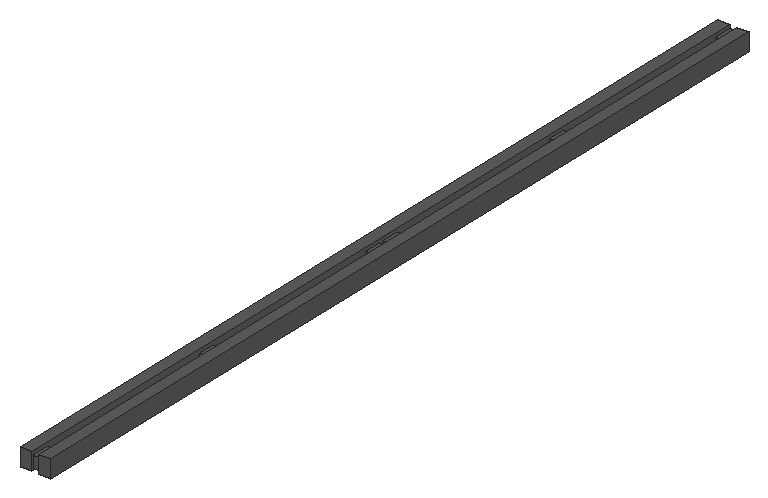
Revit family "EV_COMAIN WALER 3_1850433", category Generic Models, Revit 2018
Family settings
  Can host rebar = No
  Round Connector Dimension = Use Diameter
  Part Type = Normal
  OmniClass Number = 35.51.14.00
  OmniClass Title = FORMWORK
  Work Plane-Based = Yes
  Always vertical = No
  Cut with Voids When Loaded = No
  Shared = Yes
  Room Calculation Point = No
Parameters (values of type "EV_COMAIN WALER 3_1850433")
  VERSION = "20190101"  # constant formula
  URL = "www.ulmaconstruction.com/en"
  UNICLASS = ""
  Manufacturer = "ULMA CONSTRUCTION"  # constant formula
  ITEM_CODE = "1850433"
  FILTER [instance] = ""
  Default Elevation = 0.000 mm
  CLASSIFICATION_TITLE = ""
  CLASSIFICATION_NUMBER = ""
Reference planes
  plane 1 "Centro (Frontal/Posterior)": y = 0
  plane 2: z = 0
  plane 3 "Centro (Izquierda/Derecha)": x = 0
  plane 4 "START": y = -1500
  plane 5 "END": y = 1500
Forms (mm)
  Extrusion 1, solid, material "ULMA BLACK", detail levels fine
    sketch origin (0, 0, 0) x (1, 0, 0) y (0, 0, 1)
      loop
        line (-52.5, 0) -> (-12.5, 0) -> (-12.5, 60) -> (-52.5, 60) -> (-52.5, 0)
      loop
        line (12.5, 0) -> (52.5, 0) -> (52.5, 60) -> (12.5, 60) -> (12.5, 0)
    from -1500 to 1500
  Extrusion 2, solid, material "ULMA BLACK", detail levels fine
    sketch origin (0, 0, 0) x (0, 1, 0) y (0, 0, 1)
      loop
        line (-1497, 10) -> (-1437, 10) -> (-1437, 50) -> (-1497, 50) -> (-1497, 10)
    from -12.5 to 12.5
  Extrusion 3, solid, material "ULMA BLACK", detail levels fine
    sketch origin (0, 2800, 0) x (0, 1, 0) y (0, 0, 1)
      loop
        line (-1363, 10) -> (-1303, 10) -> (-1303, 50) -> (-1363, 50) -> (-1363, 10)
    from -12.5 to 12.5
  Extrusion 4, solid, material "ULMA BLACK", detail levels fine
    sketch origin (0, 2355, 0) x (0, 1, 0) y (0, 0, 1)
      loop
        line (-1631.5, 10) -> (-1571.5, 10) -> (-1571.5, 50) -> (-1631.5, 50) -> (-1631.5, 10)
    from -12.5 to 12.5
  Extrusion 5, solid, material "ULMA BLACK", detail levels fine
    sketch origin (0, 1135, 0) x (0, 1, 0) y (0, 0, 1)
      loop
        line (-1918.5, 10) -> (-1858.5, 10) -> (-1858.5, 50) -> (-1918.5, 50) -> (-1918.5, 10)
    from -12.5 to 12.5
  Extrusion 6, solid, material "ULMA BLACK", detail levels fine
    sketch origin (0, 1945, 0) x (0, 1, 0) y (0, 0, 1)
      loop
        line (-1937.5, 10) -> (-1877.5, 10) -> (-1877.5, 50) -> (-1937.5, 50) -> (-1937.5, 10)
    from -12.5 to 12.5
  Extrusion 7, solid, material "ULMA BLACK", detail levels fine
    sketch origin (0, 1870, 0) x (0, 1, 0) y (0, 0, 1)
      loop
        line (-1937.5, 10) -> (-1877.5, 10) -> (-1877.5, 50) -> (-1937.5, 50) -> (-1937.5, 10)
    from -12.5 to 12.5
  Extrusion 8, solid, material "ULMA BLACK", detail levels coarse+medium
    sketch origin (0, 0, 0) x (1, 0, 0) y (0, 0, 1)
      loop
        line (-52.5, 60) -> (-52.5, 0) -> (52.5, 0) -> (52.5, 60) -> (-52.5, 60)
    from -1500 to 1500
Cuts and joins
  joined: Extrusion 1, Extrusion 2
Dimensions and locks
  locked: plane 4 "START" to Extrusion 2 sketch curve at 3
  locked: Extrusion 2 sketch curve to Extrusion 2 sketch curve at 60
  locked: Extrusion 3 sketch curve to Extrusion 3 sketch curve at 60
  locked: Extrusion 4 sketch curve to Extrusion 4 sketch curve at 60
  locked: Extrusion 5 sketch curve to Extrusion 5 sketch curve at 60
  locked: Extrusion 6 sketch curve to Extrusion 6 sketch curve at 60
  locked: Extrusion 7 sketch curve to Extrusion 7 sketch curve at 60
  locked: plane 5 "END" to plane 4 "START" at 3000
  aligned and locked: plane 2 to level
  aligned and locked: plane 5 "END" to Extrusion 1
  aligned and locked: Extrusion 1 to plane 4 "START"
  aligned and locked: Extrusion 8 to plane 4 "START"
  aligned and locked: plane 5 "END" to Extrusion 8
